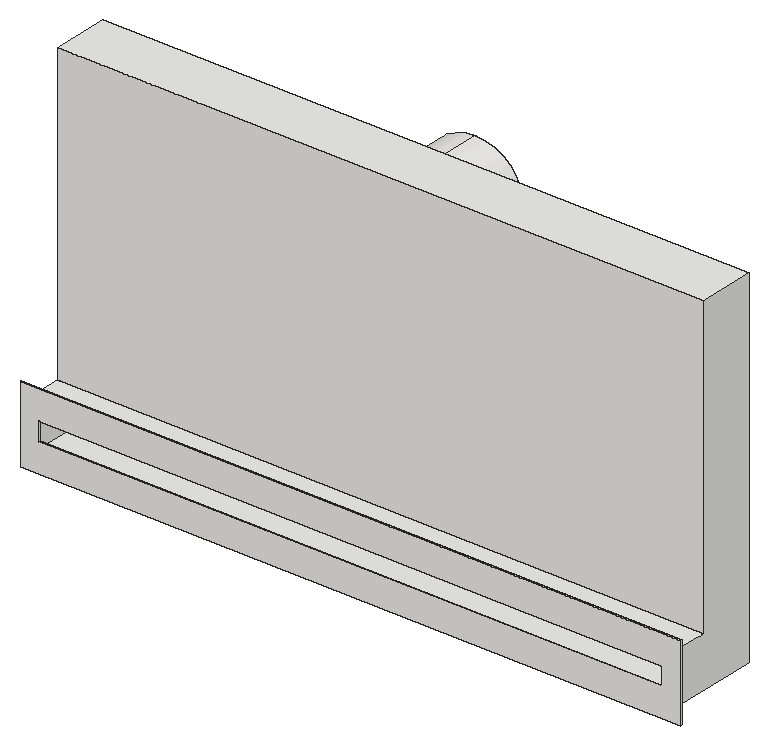
Revit family "Abmessungen emcoair KSW", category Air Terminals, Revit 2017
Family settings
  Round Connector Dimension = Use Diameter
  Part Type = Normal
  Work Plane-Based = No
  Always vertical = Yes
  Cut with Voids When Loaded = No
  Shared = No
  Room Calculation Point = No
Parameters (values of type "500_1")
  t = 15 mm  # constant formula
  schlitzige Varianten = if(Index1 = 1, 15 mm, 0 mm)  # 0 mm
  Product material = RAL 9016
  Index2 = 0
  Index1 = 0
  Index = 0
  9_Länge Anschlussstutzen = 50 mm  # constant formula
  8_Tiefe Anschlusskasten = 45 mm  # constant formula
  7_Abstand Zuluftstutzen / Abluftstutzen = if(Index2 = 0, 0 mm, if(Index2 = 1, 408 mm, if(Index2 = 2, 508 mm, 608 mm)))  # 0 mm
  6_Höhe Schlitzluftdurchlass gesamt = if(Index = 1, 94 mm, 61 mm)  # 61 mm
  5_Höhe Schlitzluftdurchlass (ohne Auflageprofil) = if(Index = 1, 73 mm, 41 mm)  # 41 mm
  4_ Breite Schlitzluftdurchlass mit 2 Endwinkeln = if(Index2 = 0, 530 mm, if(Index2 = 1, 830 mm, if(Index2 = 2, 1030 mm, 1230 mm)))  # 530 mm
  3_Breite Schlitzluftdurchlass ohne Endwinkel = if(Index2 = 0, 500 mm, if(Index2 = 1, 800 mm, if(Index2 = 2, 1000 mm, 1200 mm)))  # 500 mm
  2_Höhe Anschlusskasten, gesamt = 280 mm  # constant formula
  1_Breite Anschlusskasten, gesamt = if(Index2 = 0, 518 mm, if(Index2 = 1, 818 mm, if(Index2 = 2, 1018 mm, 1218 mm)))  # 518 mm
  12_ Tiefe gesamt = 74 mm  # constant formula
  11_ Durchmesser Zuluftstutzen / Abluftstutzen = if(Index = 1, 98 mm, 78 mm)  # 78 mm
  10_Abstand Anschlusskastenoberseite / Stutzenmitte = 53 mm  # constant formula
Types (9, lengths in mm): name | schlitzige Varianten | Index2 | Index1 | Index | 7_Abstand Zuluftstutzen / Abluftstutzen | 6_Höhe Schlitzluftdurchlass gesamt | 5_Höhe Schlitzluftdurchlass (ohne Auflageprofil) | 4_ Breite Schlitzluftdurchlass mit 2 Endwinkeln | 3_Breite Schlitzluftdurchlass ohne Endwinkel | 1_Breite Anschlusskasten, gesamt | 11_ Durchmesser Zuluftstutzen / Abluftstutzen
  (no name) | 0 | 0 | 0 | 0 | 0 | 61 | 41 | 530 | 500 | 518 | 78
  800_2 | 15 | 1 | 1 | 1 | 408 | 94 | 73 | 830 | 800 | 818 | 98
  800_1 | 0 | 1 | 0 | 0 | 408 | 61 | 41 | 830 | 800 | 818 | 78
  1000_2 | 15 | 2 | 1 | 1 | 508 | 94 | 73 | 1030 | 1000 | 1018 | 98
  1200_2 | 15 | 3 | 1 | 1 | 608 | 94 | 73 | 1230 | 1200 | 1218 | 98
  1000_1 | 0 | 2 | 0 | 0 | 508 | 61 | 41 | 1030 | 1000 | 1018 | 78
  1200_1 | 0 | 3 | 0 | 0 | 608 | 61 | 41 | 1230 | 1200 | 1218 | 78
  500_2 | 15 | 0 | 1 | 1 | 0 | 94 | 73 | 530 | 500 | 518 | 98
  500_1 | 0 | 0 | 0 | 0 | 0 | 61 | 41 | 530 | 500 | 518 | 78
Reference planes
  plane 1 "Center (Front/Back)": y = 0
  plane 2: z = 0
  plane 3 "Center (Left/Right)": x = 0
  plane 4: x = -259
  plane 5: x = 259
  plane 6: y = 74
  plane 7: y = 29
  plane 8: y = 124
  plane 9: z = 280
  plane 10: z = 227
  plane 11: z = 266
  plane 12: z = 188
  plane 13: z = 41
  plane 14: x = -265
  plane 15: x = 265
  plane 16: x = -250
  plane 17: x = 250
  plane 18: z = 20.5
  plane 19: z = 51
  plane 20: z = -10
  plane 21: z = 20.5
  plane 22: z = 20.5
  plane 23: x = 0
  plane 24: x = 0
Forms (mm)
  Extrusion 1, solid, material "RAL 9016" <- "Product material"
    sketch origin (-259, 755.791, 1200) x (0, 1, 0) y (0, 0, 1)
      loop
        line (-755.791, -1200) -> (-681.791, -1200) -> (-681.791, -920) -> (-726.791, -920) -> (-726.791, -1159) -> (-755.791, -1159) -> (-755.791, -1200)
    from 0 to 1
  Extrusion 2, solid, material "RAL 9016" <- "Product material"
    sketch origin (259, 755.791, 1200) x (0, 1, 0) y (0, 0, 1)
      loop
        line (-755.791, -1200) -> (-681.791, -1200) -> (-681.791, -920) -> (-726.791, -920) -> (-726.791, -1159) -> (-755.791, -1159) -> (-755.791, -1200)
    from 0 to -1
  Sweep 3, solid, material "RAL 9016" <- "Product material"
    path origin (0, 0, 0) x (1, 0, 0) y (0, 0, 1)
      loop
        line (-258, 41) -> (258, 41)
    profile origin (0, 0, 41) x (0, 0, 1) y (0, -1, 0)
      loop
        line (239, -74) -> (239, -29) -> (0, -29) -> (0, 0) -> (-1, 0) -> (-1, -30) -> (238, -30) -> (238, -74) -> (239, -74)
  Extrusion 4, solid, material "RAL 9016" <- "Product material"
    sketch origin (0, 0, 0) x (1, 0, 0) y (0, 1, 0)
      loop
        line (-258, 74) -> (-258, 0) -> (258, 0) -> (258, 74) -> (-258, 74)
    from 0 to 1
  Extrusion 5, solid, material "RAL 9016" <- "Product material"
    sketch origin (259, 74, 0) x (0, 0, 1) y (1, 0, 0)
      loop
        line (279, -1) -> (1, -1) -> (1, -517) -> (279, -517) -> (279, -1)
    from 0 to -1
  Extrusion 6, solid, material "RAL 9016" <- "Product material"
    sketch origin (0, 0, 0) x (1, 0, 0) y (0, 0, 1)
      loop
        line (-265, 51) -> (-265, -10) -> (265, -10) -> (265, 51) -> (-265, 51)
    from 0 to 1
  Sweep 7, solid, material "RAL 9016" <- "Product material"
    path origin (0, 161.297, 1200) x (0, 1, 0) y (0, 0, 1)
      loop
        line (-87.297, -973) -> (-37.297, -973)
    profile origin (0, 99, 227) x (0, 0, 1) y (1, 0, 0)
      loop
        circle (0, 0) r 39
  Extrusion 8, void
    sketch origin (0, 0, 0) x (1, 0, 0) y (0, 0, 1)
      loop
        line (-250, 28) -> (-250, 13) -> (250, 13) -> (250, 28) -> (-250, 28)
    from 0 to 1
  Extrusion 9, void
    sketch origin (0, 0, 0) x (1, 0, 0) y (0, 0, 1)
      loop
        line (-250, 28) -> (-250, 13) -> (250, 13) -> (250, 28) -> (-250, 28)
    from 0 to 1
  Sweep 10, solid, material "RAL 9016" <- "Product material"
    path origin (0, 161.297, 1200) x (0, 1, 0) y (0, 0, 1)
      loop
        line (-87.297, -973) -> (-37.297, -973)
    profile origin (0, 99, 227) x (0, 0, 1) y (1, 0, 0)
      loop
        circle (0, 0) r 39
Cuts and joins
  Extrusion 8, Extrusion 9 cuts Extrusion 6
  joined: Extrusion 1, Extrusion 2, Sweep 3, Extrusion 4, Extrusion 5, Extrusion 6, Sweep 7
Dimensions and locks
  "12_ Tiefe gesamt": plane 1 "Center (Front/Back)" to plane 6
  "8_Tiefe Anschlusskasten": plane 7 to plane 6
  "9_Länge Anschlussstutzen": plane 6 to plane 8
  "2_Höhe Anschlusskasten, gesamt": plane 9 to level
  "10_Abstand Anschlusskastenoberseite / Stutzenmitte": plane 9 to plane 10
  equal spacing: plane 11, plane 10, plane 12
  "11_ Durchmesser Zuluftstutzen / Abluftstutzen": plane 11 to plane 12
  "5_Höhe Schlitzluftdurchlass (ohne Auflageprofil)": plane 13 to level
  equal spacing: plane 4, plane 3 "Center (Left/Right)", plane 5
  "1_Breite Anschlusskasten, gesamt": plane 4 to plane 5
  equal spacing: plane 14, plane 3 "Center (Left/Right)", plane 15
  "4_ Breite Schlitzluftdurchlass mit 2 Endwinkeln": plane 14 to plane 15
  equal spacing: plane 16, plane 3 "Center (Left/Right)", plane 17
  "3_Breite Schlitzluftdurchlass ohne Endwinkel": plane 16 to plane 17
  equal spacing: plane 13, plane 18, level
  equal spacing: plane 19, plane 18, plane 20
  "6_Höhe Schlitzluftdurchlass gesamt": plane 19 to plane 20
  "schlitzige Varianten": plane 21 to plane 18
  "schlitzige Varianten": plane 18 to plane 22
  equal spacing: Extrusion 8 sketch curve, plane 22, Extrusion 8 sketch curve
  "t": Extrusion 8 sketch curve to Extrusion 8 sketch curve
  "t": Extrusion 9 sketch curve to Extrusion 9 sketch curve
  equal spacing: Extrusion 9 sketch curve, plane 21, Extrusion 9 sketch curve
  equal spacing: plane 23, plane 3 "Center (Left/Right)", plane 24
  "7_Abstand Zuluftstutzen / Abluftstutzen": plane 23 to plane 24
  "11_ Durchmesser Zuluftstutzen / Abluftstutzen": diameter of Sweep 7 sketch curve
  "11_ Durchmesser Zuluftstutzen / Abluftstutzen": diameter of Sweep 10 sketch curve
  aligned and locked: level to plane 2
  aligned and locked: Sweep 3 sketch curve to Extrusion 1  (x3)
  aligned and locked: Extrusion 4 sketch curve to Sweep 3  (x2)
  aligned and locked: Extrusion 4 sketch curve to Extrusion 1
  aligned and locked: Extrusion 4 sketch curve to Extrusion 2
  aligned and locked: Sweep 3 to Extrusion 5 sketch curve
  aligned and locked: Extrusion 5 sketch curve to Sweep 3
  aligned and locked: Extrusion 4 to Extrusion 5 sketch curve
  aligned and locked: Extrusion 5 sketch curve to Extrusion 4
  aligned and locked: Extrusion 6 sketch curve to plane 19
  aligned and locked: plane 20 to Extrusion 6 sketch curve
  aligned and locked: Extrusion 6 sketch curve to plane 15
  aligned and locked: Extrusion 8 sketch curve to plane 17
  aligned and locked: Extrusion 9 sketch curve to plane 17
Automatic sketch dimensions
  Extrusion 1 sketch curve to level = 0 mm
  Extrusion 1 sketch curve to plane 1 "Center (Front/Back)" = 0 mm
  Extrusion 1 sketch curve to plane 7 = 0 mm
  Extrusion 1 sketch curve to plane 6 = 0 mm
  plane 13 to Extrusion 1 sketch curve = 0 mm
  Extrusion 1 sketch curve to plane 9 = 0 mm
  Extrusion 2 sketch curve to level = 0 mm
  Extrusion 2 sketch curve to plane 1 "Center (Front/Back)" = 0 mm
  Extrusion 2 sketch curve to plane 7 = 0 mm
  Extrusion 2 sketch curve to plane 6 = 0 mm
  plane 13 to Extrusion 2 sketch curve = 0 mm
  Extrusion 2 sketch curve to plane 9 = 0 mm
  Sweep 3 sketch curve to plane 13 = 0 mm
  plane 4 to Sweep 3 sketch curve = 1 mm
  Sweep 3 sketch curve to plane 5 = 1 mm
  Sweep 3 sketch curve to plane 1 "Center (Front/Back)" = 0 mm
  Sweep 3 sketch curve to Sweep 3 sketch curve = 1 mm  (x3)
  Sweep 3 sketch curve to Sweep 3 sketch curve = 44 mm
  Extrusion 6 sketch curve to plane 14 = 0 mm
  Sweep 7 sketch curve to plane 6 = 0 mm
  Sweep 7 sketch curve to plane 8 = 0 mm
  Sweep 7 sketch curve to plane 10 = 0 mm
  Sweep 10 sketch curve to plane 6 = 0 mm
  Sweep 10 sketch curve to plane 8 = 0 mm
  Sweep 10 sketch curve to plane 10 = 0 mm
  Sweep 7 sketch curve to profile plane = 0 mm  (x2)
  Extrusion 8 sketch curve to plane 16 = 0 mm
  Extrusion 9 sketch curve to plane 16 = 0 mm
  Sweep 10 sketch curve to plane 24 = 0 mm
  Sweep 10 sketch curve to profile plane = 0 mm
